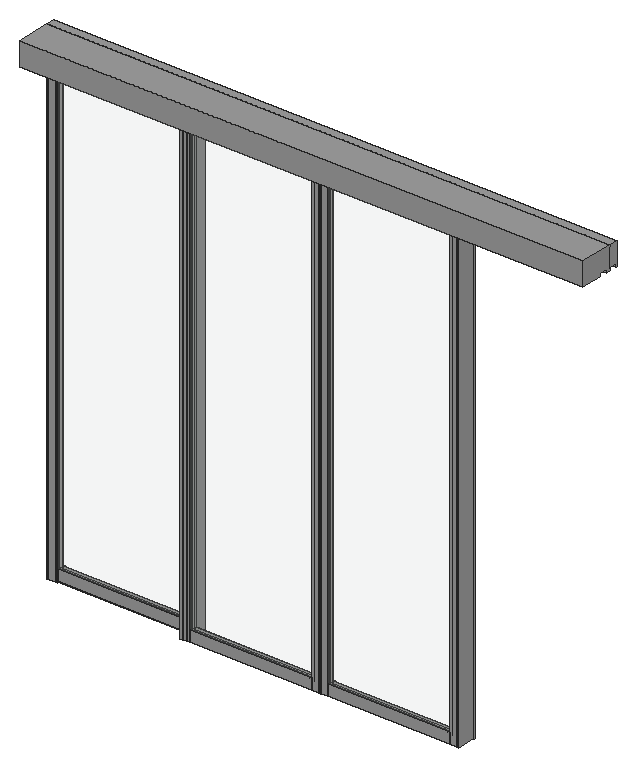
Revit family "agtatec_Record_SldngDrset_D-STA_CurtainWallPanel", category Curtain Panels, Revit 2015
Parameters (values of type "D-STA 108 mm drive unit height - side panel left")
  WithoutSidePanels = and(not(RightPanel), not(LeftPanel))  # no
  WithoutDriveCladding(OnlyApplicableForTypesWithoutSidePanels) = not(WithDriveCladding)  # no
  WithinStandardSizes = and(OpeningWidth > 799.9 mm, OpeningWidth < 3000.1 mm, ClearHeightOfPassage < 3000.1 mm, ClearHeightOfPassage > 1999.9 mm)  # yes
  WithSidePanels = and(RightPanel, LeftPanel)  # no
  WithDriveCladding = yes
  Weight = "Depends on configuration and size"
  WarrantyStartDate [instance] = "1900-12-31T23:59:59"
  WarrantyGuarantorParts = "Local door manufacturer"
  WarrantyGuarantorLabour = "Local door manufacturer"
  WarrantyDurationUnit = "Depends on country"
  WarrantyDurationParts = "Depends on country"
  WarrantyDurationLabour = "Depends on country"
  WarrantyDescription = "Depends on country"
  WallMountingProfile = yes
  Version = "Version 1.0"
  Uniclass2 = "Ss_25_30_20_77"
  URL = "www.agta-record.com"
  TotalWidth = if(WithSidePanels, SidePanelWidthLeft + SidePanelWidthRight + OpeningWidth, if(RightPanel, SidePanelWidthRight + OpeningWidth + 44 mm, if(LeftPanel, SidePanelWidthLeft + OpeningWidth + 44 mm, OpeningWidth + 88 mm)))  # 1944 mm
  TotalHeight = ClearHeightOfPassage + DriveUnitHeight  # 2295 mm
  SustainabilityPerformance = "n/a"
  SupportLength = SidePanelWidthLeft + SidePanelWidthRight + OpeningWidth + DriveUnitExtraWidthRight + DriveUnitExtraWidthLeft  # 2600 mm
  SidePanelWidthRight = OpeningWidth / 2 + 100 mm + ExtraRight  # 700 mm
  SidePanelWidthLeft = OpeningWidth / 2 + 100 mm + ExtraLeft  # 700 mm
  SidePanelMinimumStandard = InnerPanelWidth  # 632 mm
  ServiceLifeType = "n/a"
  SecurityRating = "None"
  RightPanel = no
  Revision = "n/a"
  ProductInformation = "www.agta-record.com"
  Process = "n/a"
  DriveUnitExtraWidthRight = 0 mm
  DriveUnitExtraWidthLeft = 0 mm
  Type Comments = "n/a"
  ThresholdStripping = "No additional required, part of the doorset"
  ThresholdRequired = yes
  ThermalTransmittance = 0
  TagNumber [instance] = "n/a"
  SmokeStop = no
  Size = "n/a"
  Shape = "Rectangular"
  ServiceLifeDuration = "10-15 years"
  SerialNumber [instance] = "n/a"
  SelfClosing = yes
  ReplacementCost = "Depends on the configuration and door type"
  ReferenceStandard = "EN16005, EN16361, DIN 18650, etc."
  Reference = "n/a"
  ProductionYear = "n/a"
  PassageWidthOptions = "n/a"
  PassageMountingProfile(OnlyApplicableForTypesWithTwoSidePanels) = not(WallMountingProfile)  # no
  PanelHeight = ClearHeightOfPassage + 13 mm  # 2200 mm
  PanelFrames = agtatec_Record_Sliding Door, Aluminium
  PanelFill = agtatec_Record_Sliding Door, Laminated Safety Glass (Clear)
  OuterPanelWidthRight = SidePanelMinimumStandard - 27 mm + ExtraRight + 55 mm  # 660 mm
  OuterPanelWidthLeft = SidePanelMinimumStandard - 27 mm + ExtraLeft + 55 mm  # 660 mm
  OpeningWidth = 1200 mm
  NominalWidth = TotalWidth  # 1944 mm
  NominalLength = 0 mm
  NominalHeight = TotalHeight  # 2295 mm
  Name = "SldngDrset_D-STA_CurtainWallPanel_Record"
  NBSTypeID = "n/a"
  NBSReference = "25-50-20/175"
  NBSOfficeMasterTag = "n/a"
  NBSNote = "n/a"
  NBSDescription = "Sliding Doorset"
  NBSCertification = "n/a"
  MountingProfileRight = no
  MountingProfileLeft = no
  MountingProfile = no
  ModelReference = "Depends on the configuration"
  ModelNumber = "n/a"
  ModelLabel = "n/a"
  Model = "record Standard Linear Slider"
  MethodOfMeasurement = "n/a"
  Material = "Aluminium"
  ManufacturerURL = "www.agta-record.com"
  ManufacturerName = "Record"
  Manufacturer = "info@recorduk.co.uk"
  LeftPanel = yes
  LeafColourOptions = "All RAL, customer specific"
  Keynote = "n/a"
  IssueDate = "n/a"
  IsExternal = yes
  InterlancingProfileHeight = PanelHeight - 5 mm  # 2195 mm
  InstallationDate [instance] = "1900-12-31T23:59:59"
  InnerPanelWidth = (OpeningWidth / 2) + 32 mm  # 632 mm
  Infiltration = "n/a"
  IfcExportType = "Door"
  IfcExportAs = "IfcDoorStyle"
  HasDrive = yes
  HandicapAccessible = yes
  Grade = "n/a"
  GlazingAreaFraction = "Depends on size. Can be calculated"
  GlassType = "Part of glazing spec"
  GlassThickness2 = "6 mm (default)"
  GlassThickness1 = "6 mm (default)"
  GlassLayers = 2
  FrameSeal = yes
  FrameProfile = "Aluminium"
  FrameMaterial = "Aluminium"
  FrameFinishOptions = "n/a"
  FloorGuide = agtatec_Record_Sliding Door, Stainless Steel
  FireRating = "None"
  FireExit = no
  Finish = "Powder coated, Anodized, customer specific"
  Features = "n/a"
  ExtraWidthTotal = ExtraRight + ExtraLeft  # 0 mm
  ExtraWidthRight = 0 mm
  ExtraWidthLeft = 0 mm
  ExtraRight = if(not(RightPanel), 0 mm, ExtraWidthRight)  # 0 mm
  ExtraLeft = if(not(LeftPanel), 0 mm, ExtraWidthLeft)  # 0 mm
  ExpectedLife = "n/a"
  ElectronicLock = yes
  DurationUnit = "year"
  DriveUnitHeight = 108 mm
  DriveUnit = agtatec_Record_Sliding Door, Sheet Metal (Painted Steel)
  DoorsetOperation = "Automatic"
  DoorsetFasteners = "Screws"
  DoorSeal = "yes"
  DoorOpening = 0 mm
  DoorNumber = "n/a"
  DoorIncluded = yes
  Documentation = "n/a"
  DocumentReference = "n/a"
  Description = "Automatic Sliding Door"
  Cost = 0
  Controller = "n/a"
  Construction Type = "Automatic Sliding Door"
  Constituents = "n/a"
  Configuration = "1 or 2"
  Colour = "Customer specific"
  CodePerformance = "n/a"
  ClearanceZones = no
  ClearHeightOfPassage = 2187 mm
  Category = "n/a"
  BreakoutFacility = "n/a"
  BarCode [instance] = "n/a"
  BIMObjectName = "agtatec_Record_SlidingDoorset_D-STA_CurtainWallPanel"
  Author = "agtatec"
  AssetType = "n/a"
  AssetIdentifier [instance] = "n/a"
  Assembly Code = "B2030110"
  AntiFingerTrapRequirement = yes
  AlternativeDoorsetGlazing = "Part of glazing spec"
  AcousticRating = "None"
  AccessoryOptions = "Contact manufacturer"
  AccessibilityPerformance = "n/a"
Types (13, lengths in mm): name | WithoutSidePanels | WithSidePanels | TotalWidth | TotalHeight | RightPanel | SerialNumber | NominalWidth | NominalHeight | LeftPanel | DriveUnitHeight
  (no name) | no | no | 1944 | 2295 | no | "n/a" | 1944 | 2295 | yes | 108
  D-STA 150 mm drive unit height - side panel left | no | no | 1944 | 2337 | no | "n/a" | 1944 | 2337 | yes | 150
  D-STA 150 mm drive unit height - side panel right | no | no | 1944 | 2337 | yes | "n/a" | 1944 | 2337 | no | 150
  D-STA 150 mm drive unit height - with two side panels | no | yes | 2600 | 2337 | yes | "n/a" | 2600 | 2337 | yes | 150
  D-STA 150 mm drive unit height - without side panels | yes | no | 1288 | 2337 | no | "n/a" | 1288 | 2337 | no | 150
  D-STA 200 mm drive unit height - side panel left | no | no | 1944 | 2387 | no | "n/a" | 1944 | 2387 | yes | 200
  D-STA 200 mm drive unit height - side panel right | no | no | 1944 | 2387 | yes | "n/a" | 1944 | 2387 | no | 200
  D-STA 200 mm drive unit height - with two side panels | no | yes | 2600 | 2387 | yes | "n/a" | 2600 | 2387 | yes | 200
  D-STA 200 mm drive unit height - without side panels | yes | no | 1288 | 2387 | no | "n/a" | 1288 | 2387 | no | 200
  D-STA 108 mm drive unit height - side panel left | no | no | 1944 | 2295 | no | "n/a" | 1944 | 2295 | yes | 108
  D-STA 108 mm drive unit height - side panel right | no | no | 1944 | 2295 | yes | "" | 1944 | 2295 | no | 108
  D-STA 108 mm drive unit height - with two side panels | no | yes | 2600 | 2295 | yes | "n/a" | 2600 | 2295 | yes | 108
  D-STA 108 mm drive unit height - without side panels | yes | no | 1288 | 2295 | no | "n/a" | 1288 | 2295 | no | 108
Reference planes
  plane 1 "Center (Front/Back)": y = 0
  plane 2: z = 0
  plane 3 "Center (Left/Right)": x = -50
  plane 4 "Left": x = -1280
  plane 5 "Right": x = 1180
  plane 6 "Top": z = 4000
Text (mm)
  text "Exterior" at (-2351.972, 1416.179, 0), in view "Ref. Level"
  text "Exterior" at (0, 2290.741, 4406.713), in view "Left"
  text "Exterior" at (0, 1328.187, 4120.349), in view "Right"
Dimensions and locks
  equal spacing: plane 4 "Left", plane 3 "Center (Left/Right)", plane 5 "Right"
  aligned and locked: nested 1 to plane 1 "Center (Front/Back)"
  aligned and locked: plane 3 "Center (Left/Right)" to nested 1
Nested families
  nested 1: "D-STA" at (-50, 0, 0) x (-1, 0, 0) z (0, 0, 1), type "D-STA 150 mm drive unit height - with two side panels"
    with WarrantyStartDate "Depends on country", TagNumber "n/a", SerialNumber "n/a", InstallationDate "n/a", BarCode "n/a", AssetIdentifier "n/a", WithSidePanels no, WallOpeningWidth 1900 mm, WallMountingRight no, TotalWidth 1944 mm, TotalHeight 2295 mm, RightPanel no, InterlancingProfileRight yes, DriveUnitHeight 108 mm, NominalHeight 2295 mm, ClearanceZoneRight 1300 mm
Definition of nested family "D-STA"
  Parameters
    WithoutSidePanels = and(not(RightPanel), not(LeftPanel))  # no
    WithoutDriveCladding(OnlyApplicableForTypesWithoutSidePanels) = not(WithDriveCladding)  # no
    WithinStandardSizes = and(OpeningWidth > 799.9 mm, OpeningWidth < 3000.1 mm, ClearHeightOfPassage < 3000.1 mm, ClearHeightOfPassage > 1999.9 mm)  # yes
    WithSidePanels = and(RightPanel, LeftPanel)  # yes
    WithDriveCladding = yes
    Weight = "Depends on configuration and size"
    WarrantyDurationUnit = "Depends on country"
    WallOpeningWidth = if(and(RightPanel, LeftPanel), OpeningWidth + SidePanelWidthRight + SidePanelWidthLeft, if(RightPanel, OpeningWidth + SidePanelWidthRight, if(LeftPanel, OpeningWidth + SidePanelWidthLeft, OpeningWidth)))  # 2600 mm
    WallMountingRight = and(WallMountingProfile, RightPanel)  # yes
    WallMountingProfile = yes
    WallMountingLeft = and(WallMountingProfile, LeftPanel)  # yes
    TotalWidth = if(WithSidePanels, SidePanelWidthLeft + SidePanelWidthRight + OpeningWidth, if(RightPanel, SidePanelWidthRight + OpeningWidth + 44 mm, if(LeftPanel, SidePanelWidthLeft + OpeningWidth + 44 mm, OpeningWidth + 109 mm)))  # 2600 mm
    TotalHeight = ClearHeightOfPassage + DriveUnitHeight  # 2337 mm
    Thickness = 0 mm
    SustainabilityPerformance = "n/a"
    SupportLength = SidePanelWidthLeft + SidePanelWidthRight + OpeningWidth + DriveUnitExtraWidthRight + DriveUnitExtraWidthLeft  # 2600 mm
    SidePanelWidthRight = OpeningWidth / 2 + 100 mm + ExtraRight  # 700 mm
    SidePanelWidthLeft = OpeningWidth / 2 + 100 mm + ExtraLeft  # 700 mm
    SidePanelMinimumStandard = InnerPanelWidth  # 632 mm
    ServiceLifeType = "n/a"
    SecurityRating = "None"
    RightPanel = yes
    Revision = "n/a"
    ProductInformation = "www.agta-record.com"
    Process = "n/a"
    PassageMountingRight = and([PassageMountingProfile(OnlyApplicableForTypesWithTwoSidePanels)], RightPanel)  # no
    PassageMountingProfile(OnlyApplicableForTypesWithTwoSidePanels) = not(WallMountingProfile)  # no
    PassageMountingLeft = and([PassageMountingProfile(OnlyApplicableForTypesWithTwoSidePanels)], LeftPanel)  # no
    PanelHeight = ClearHeightOfPassage + 13 mm  # 2200 mm
    PanelFrames = none
    PanelFill = none
    OuterPanelWidthRight = OpeningWidth / 2 + 73 mm + ExtraRight  # 673 mm
    OuterPanelWidthLeft = OpeningWidth / 2 + 73 mm + ExtraLeft  # 673 mm
    OpeningWidth = 1200 mm
    Name = "SldngDrset_D-STA_Standalone_Record"
    NBSTypeID = "n/a"
    NBSReference = "25-50-20/175"
    NBSOfficeMasterTag = "n/a"
    NBSNote = "n/a"
    NBSDescription = "Sliding Doorset"
    NBSCertification = "n/a"
    ModelNumber = "n/a"
    ModelLabel = "n/a"
    MethodOfMeasurement = "n/a"
    ManufacturerName = "Record"
    LeftPanel = yes
    InterlancingProfileRight = not(and(RightPanel, (WallOpeningWidth > OpeningWidth)))  # no
    InterlancingProfileLeft = not(and(LeftPanel, (WallOpeningWidth > OpeningWidth)))  # no
    InterlancingProfileHeight = PanelHeight - 5 mm  # 2195 mm
    InstallationDate [instance] = "n/a"
    InnerPanelWidth = (OpeningWidth / 2) + 32 mm  # 632 mm
    IfcExportType = "n/a"
    IfcExportAs = "n/a"
    Grade = "n/a"
    GlazingAreaFraction = "Depends on size. Can be calculated"
    FloorGuide = none
    FireRating = "None"
    Features = "n/a"
    ExtraWidthRight = 0 mm
    ExtraWidthLeft = 0 mm
    ExtraRight = if(not(RightPanel), 0 mm, ExtraWidthRight)  # 0 mm
    ExtraLeft = if(not(LeftPanel), 0 mm, ExtraWidthLeft)  # 0 mm
    ExpectedLife = "n/a"
    DurationUnit = "year"
    DriveUnitHeight = 150 mm
    DriveUnitExtraWidthRight = 0 mm
    DriveUnitExtraWidthLeft = 0 mm
    DriveUnitCenterDistance = (OpeningWidth / 2) + SidePanelWidthRight + DriveUnitExtraWidthRight  # 1300 mm
    DriveUnit = none
    DriveDepth2 = if([WithoutDriveCladding(OnlyApplicableForTypesWithoutSidePanels)], 0 mm, 37 mm)  # 37 mm
    DriveDepth = if([WithoutDriveCladding(OnlyApplicableForTypesWithoutSidePanels)], 157 mm, 194 mm)  # 194 mm
    DoorOpeningRestriction = if(DoorOpening > OpeningWidth, OpeningWidth, DoorOpening)  # 0 mm
    DoorOpening1 = DoorOpeningRestriction / 2  # 0 mm
    DoorOpening = 0 mm
    Width = TotalWidth  # 2600 mm
    WarrantyStartDate [instance] = "Depends on country"
    WarrantyGuarantorParts = "Local door manufacturer"
    WarrantyGuarantorLabour = "Local door manufacturer"
    WarrantyDurationParts = "Depends on country"
    WarrantyDurationLabour = "Depends on country"
    WarrantyDescription = "Depends on country"
    Version = "Version 1.0"
    Uniclass2 = "Ss_25_30_20_77"
    URL = "www.agta-record.com"
    Type Comments = ""
    ThresholdStripping = "No additional required, part of the doorset"
    ThresholdRequired = yes
    ThermalTransmittance = 0
    TagNumber [instance] = "n/a"
    SmokeStop = no
    Size = "n/a"
    Shape = "Rectangular"
    ServiceLifeDuration = "10-15 years"
    SerialNumber [instance] = "n/a"
    SelfClosing = yes
    Rough Width = TotalWidth + 6 mm  # 2606 mm
    Rough Height = TotalHeight + 6 mm  # 2343 mm
    ReplacementCost = "Depends on the configuration and door type"
    ReferenceStandard = "EN16005, EN16361, DIN 18650, etc."
    Reference = "n/a"
    ProductionYear = "n/a"
    PassageWidthOptions = "n/a"
    Operation = "Automatic"
    NominalWidth = SupportLength  # 2600 mm
    NominalLength = 0 mm
    NominalHeight = TotalHeight  # 2337 mm
    ModelReference = "Depends on the configuration"
    Model = "record Standard Linear Slider"
    Material = "Aluminium"
    ManufacturerURL = "www.agta-record.com"
    Manufacturer = "info@recorduk.co.uk"
    LeafColourOptions = "All RAL, customer specific"
    Keynote = ""
    IssueDate = ""
    IsExternal = yes
    Infiltration = "n/a"
    Height = TotalHeight  # 2337 mm
    HasDrive = yes
    HandicapAccessible = yes
    GlassType = "Part of glazing spec"
    GlassThickness2 = "6 mm (default)"
    GlassThickness1 = "6 mm (default)"
    GlassLayers = 2
    Function = 1
    FrameSeal = yes
    FrameProfile = "Aluminium"
    FrameMaterial = "Aluminium"
    FrameFinishOptions = "n/a"
    FireExit = no
    Finish = "Powder coated, Anodized, customer specific"
    ElectronicLock = yes
    DoorsetOperation = "Automatic"
    DoorsetFasteners = "Screws"
    DoorSeal = "yes"
    DoorNumber = "n/a"
    DoorIncluded = yes
    Documentation = "n/a"
    DocumentReference = "n/a"
    DistanceToWall = if([WithoutDriveCladding(OnlyApplicableForTypesWithoutSidePanels)], 20 mm, 57 mm)  # 57 mm
    Description = "Automatic Sliding Door"
    Cost = 0
    Controller = "n/a"
    Construction Type = "Automatic Sliding Door"
    Constituents = "n/a"
    Configuration = "1 or 2"
    Colour = "Customer specific"
    CodePerformance = "n/a"
    ClearanceZones = no
    ClearanceZoneRight = if(or(not(WallMountingProfile), not(RightPanel), DriveUnitExtraWidthRight > 0 mm), ((OpeningWidth / 2) + SidePanelWidthRight + DriveUnitExtraWidthRight), ((OpeningWidth / 2) + SidePanelWidthRight + DriveUnitExtraWidthRight + 16 mm))  # 1316 mm
    ClearanceZoneLeft = if(or(not(WallMountingProfile), not(LeftPanel), DriveUnitExtraWidthLeft > 0 mm), ((OpeningWidth / 2) + SidePanelWidthLeft + DriveUnitExtraWidthLeft), ((OpeningWidth / 2) + SidePanelWidthLeft + DriveUnitExtraWidthLeft + 16 mm))  # 1316 mm
    ClearHeightOfPassage = 2187 mm
    CladdingVoid = if(WithoutSidePanels, 8.85 mm, 40.85 mm)  # 40.85 mm
    CladdingProfile = not([WithoutDriveCladding(OnlyApplicableForTypesWithoutSidePanels)])  # yes
    CenterOfDoor = SupportLength / 2  # 1300 mm
    Category = "n/a"
    BreakoutFacility = "n/a"
    BarCode [instance] = "n/a"
    BIMObjectName = "agtatec_Record_SlidingDoorset_D-STA_Standalone"
    Author = "agtatec"
    AssetType = "n/a"
    AssetIdentifier [instance] = "n/a"
    Assembly Code = "B2030110"
    AntiFingerTrapRequirement = yes
    AlternativeDoorsetGlazing = "Part of glazing spec"
    AcousticRating = "None"
    AccessoryOptions = "Contact manufacturer"
    AccessibilityPerformance = "n/a"
  Reference planes
    plane 1 "Center (Front/Back)": y = 0
    plane 2: z = 0
    plane 3 "Ex Center (Left/Right)": x = 0
    plane 4: x = -1260
    plane 5: x = 1260
    plane 6: y = 5
    plane 7: y = 101
    plane 8: x = 0
    plane 9: x = 0
    plane 10: x = -1300
    plane 11: x = 1300
    plane 12: z = 2337
    plane 13: z = 2187
    plane 14: z = 2545.08
    plane 15: x = 600
    plane 16: x = 612
    plane 17 "Drive Unit Center Ref": x = -1300
    plane 18: z = 2357
    plane 19: y = 344
    plane 20 "Clearance Zone Right": x = 1300
    plane 21 "Reference": z = 270
    plane 22 "2D Lines": z = 100
    plane 23: x = -632
    plane 24: y = 57
    plane 25: x = 632
    plane 26: y = 45.85
    plane 27: x = -600
    plane 28: x = -612
    plane 29: y = 194
    plane 30 "Center (Left/Right)": x = 0
    plane 31 "ClearanceZoneLeft": x = 1316
    plane 32: x = -1316
  Forms (mm)
    Extrusion 1, solid, material <- "PanelFrames", visible <- "WallMountingRight"
      sketch origin (0, 0, 0) x (1, 0, 0) y (0, 1, 0)
        loop
          line (-1260, 3) -> (-1297, 3) -> (-1297, 38) -> (-1260, 38) -> (-1260, 40) -> (-1300, 40) -> (-1300, 4) -> (-1316, 4) -> (-1316, 0) -> (-1260, 0) -> (-1260, 3)
      from 0 to 2187
    Extrusion 2, solid, material <- "PanelFrames", visible <- "WallMountingLeft"
      sketch origin (0, 0, 0) x (-1, 0, 0) y (0, -1, 0)
        loop
          line (-1260, -3) -> (-1260, 0) -> (-1316, 0) -> (-1316, -4) -> (-1300, -4) -> (-1300, -40) -> (-1260, -40) -> (-1260, -38) -> (-1297, -38) -> (-1297, -3) -> (-1260, -3)
      from 0 to 2187
    Extrusion 3, solid, visible <- "ClearanceZones"
      sketch origin (0, 0, 0) x (0, 1, 0) y (0, 0, 1)
        loop
          line (344, 2357) -> (0, 2357) -> (0, 0) -> (344, 0) -> (344, 2357)
      from -1316 to 1316
    Extrusion 4, solid, material <- "PanelFrames", visible <- "PassageMountingRight"
      sketch origin (0, 0, 0) x (1, 0, 0) y (0, 1, 0)
        loop
          line (-1260, 40) -> (-1300, 40) -> (-1300, 0) -> (-1260, 0) -> (-1260, 3) -> (-1297, 3) -> (-1297, 38) -> (-1260, 38) -> (-1260, 40)
      from 0 to 2187
    Extrusion 5, solid, material <- "PanelFrames", visible <- "PassageMountingLeft"
      sketch origin (0, 0, 0) x (1, 0, 0) y (0, 1, 0)
        loop
          line (1260, 40) -> (1260, 38) -> (1297, 38) -> (1297, 3) -> (1260, 3) -> (1260, 0) -> (1300, 0) -> (1300, 40) -> (1260, 40)
      from 0 to 2187
    Extrusion 6, solid, material <- "DriveUnit"
      sketch origin (-1300, -4572, 3266.057) x (0, 0, 1) y (0, -1, 0)
        loop
          line (-929.057, -4609) -> (-1079.057, -4609) -> (-1079.057, -4626) -> (-1066.057, -4626) -> (-1066.057, -4668) -> (-1079.057, -4668) -> (-1079.057, -4766) -> (-929.057, -4766) -> (-929.057, -4609)
      from 0 to 2600 <- "SupportLength"
    Extrusion 7, solid, material <- "DriveUnit", visible <- "CladdingProfile"
      sketch origin (-1300, -4572, 3266.057) x (0, 0, 1) y (0, -1, 0)
        loop
          line (-929.057, -4572) -> (-1079.057, -4572) -> (-1079.057, -4609) -> (-929.057, -4609) -> (-929.057, -4572)
      from 0 to 2600 <- "SupportLength"
    Extrusion 8, void
      sketch origin (-1256.5, 45.85, 1200) x (1, 0, 0) y (0, 0, 1)
        loop
          line (-43.5, 1000) -> (-43.5, 987) -> (2556.5, 987) -> (2556.5, 1000) -> (-43.5, 1000)
      from 0 to 40.85 <- "CladdingVoid"
  Cuts and joins
    Extrusion 8 cuts Extrusion 1
    Extrusion 8 cuts Extrusion 2
    Extrusion 8 cuts Extrusion 4
    Extrusion 8 cuts Extrusion 7
  Lines and regions (mm)
    Masking region 1, visible <- "WallMountingLeft"
      outline origin (0, 0, 0) x (1, 0, 0) y (0, 1, 0)
        loop
          line (1260, 40) -> (1260, 38) -> (1297, 38) -> (1297, 3) -> (1260, 3) -> (1260, 0) -> (1316, 0) -> (1316, 4) -> (1300, 4) -> (1300, 40) -> (1260, 40)
    Masking region 2, visible <- "WallMountingRight"
      outline origin (0, 0, 0) x (1, 0, 0) y (0, 1, 0)
        loop
          line (-1260, 40) -> (-1300, 40) -> (-1300, 4) -> (-1316, 4) -> (-1316, 0) -> (-1260, 0) -> (-1260, 3) -> (-1297, 3) -> (-1297, 38) -> (-1260, 38) -> (-1260, 40)
    Masking region 3, visible <- "PassageMountingRight"
      outline origin (0, 0, 0) x (1, 0, 0) y (0, 1, 0)
        loop
          line (-1260, 40) -> (-1300, 40) -> (-1300, 0) -> (-1260, 0) -> (-1260, 3) -> (-1297, 3) -> (-1297, 38) -> (-1260, 38) -> (-1260, 40)
    Masking region 4, visible <- "PassageMountingLeft"
      outline origin (0, 0, 0) x (1, 0, 0) y (0, 1, 0)
        loop
          line (1260, 40) -> (1260, 38) -> (1297, 38) -> (1297, 3) -> (1260, 3) -> (1260, 0) -> (1300, 0) -> (1300, 40) -> (1260, 40)
    symbolic lines
      curve 1: line (175, -50, 0) -> (25, -50, 0)
      curve 2: line (175, -50, 0) -> (139.645, -14.645, 0)
      curve 3: line (175, -50, 0) -> (139.645, -85.355, 0)
      curve 4: line (-25, -50, 0) -> (-175, -50, 0)
      curve 5: line (-175, -50, 0) -> (-139.645, -14.645, 0)
      curve 6: line (-175, -50, 0) -> (-139.645, -85.355, 0)
  Dimensions and locks
    locked: plane 6 to plane 1 "Center (Front/Back)" at 5
    locked: plane 1 "Center (Front/Back)" to plane 7 at 101
    equal spacing: plane 8, plane 3 "Ex Center (Left/Right)", plane 9
    locked: plane 10 to plane 4 at 40
    locked: plane 5 to plane 11 at 40
    "DriveUnitHeight": plane 12 to plane 13
    locked: plane 14 to plane 13 at 358.08
    locked: plane 15 to plane 16 at 12
    "SidePanelWidthLeft": plane 15 to plane 11
    "ClearHeightOfPassage": plane 13 to plane 2
    "DriveUnitCenterDistance": plane 3 "Ex Center (Left/Right)" to plane 17 "Drive Unit Center Ref"
    locked: plane 18 to plane 12 at 20
    "SupportLength": plane 17 "Drive Unit Center Ref" to plane 20 "Clearance Zone Right"
    "DoorOpeningRestriction": plane 8 to plane 9
    "InnerPanelWidth": plane 23 to plane 8
    "InnerPanelWidth": plane 9 to plane 25
    "DistanceToWall": plane 24 to plane 1 "Center (Front/Back)"
    locked: plane 24 to nested 6 at 20
    plane 26 to plane 1 "Center (Front/Back)" = 45.85 mm
    locked: plane 28 to plane 27 at 12
    equal spacing: plane 27, plane 3 "Ex Center (Left/Right)", plane 15
    "SidePanelWidthRight": plane 10 to plane 27
    "OpeningWidth": plane 27 to plane 15
    "DriveDepth": plane 1 "Center (Front/Back)" to plane 29
    "DriveUnitHeight": plane 29 to plane 19
    locked: plane 24 to nested 5 at 20
    locked: Extrusion 6 sketch curve to plane 29 at 98
    "DriveDepth2": plane 1 "Center (Front/Back)" to Extrusion 6 sketch curve
    "SupportLength": Extrusion 8 sketch curve to plane 17 "Drive Unit Center Ref"
    "CenterOfDoor": plane 17 "Drive Unit Center Ref" to plane 30 "Center (Left/Right)"
    "ClearanceZoneLeft": plane 3 "Ex Center (Left/Right)" to plane 31 "ClearanceZoneLeft"
    "ClearanceZoneRight": plane 32 to plane 3 "Ex Center (Left/Right)"
    aligned and locked: level to plane 2
    aligned and locked: nested 1 to plane 6
    aligned and locked: plane 13 to Extrusion 2
    aligned and locked: plane 13 to Extrusion 1
    aligned and locked: plane 19 to Extrusion 3 sketch curve
    aligned and locked: Extrusion 3 sketch curve to plane 18
    aligned and locked: nested 4 to plane 23
    aligned and locked: plane 24 to nested 4
    aligned and locked: plane 23 to nested 3
    aligned and locked: nested 3 to plane 24
    aligned and locked: plane 28 to nested 6
    aligned and locked: plane 16 to nested 1
    aligned and locked: nested 5 to plane 15
    aligned and locked: plane 13 to Extrusion 4
    aligned and locked: plane 13 to Extrusion 5
    aligned and locked: plane 13 to Extrusion 6 sketch curve
    aligned and locked: Extrusion 6 sketch curve to plane 12
    aligned and locked: plane 29 to Extrusion 6 sketch curve
    aligned and locked: plane 25 to nested 2
    aligned and locked: plane 9 to nested 7
    aligned and locked: nested 7 to plane 24
    aligned and locked: plane 24 to nested 2
    aligned and locked: nested 8 to plane 28
    aligned and locked: Extrusion 7 sketch curve to plane 12
    aligned and locked: Extrusion 7 sketch curve to plane 1 "Center (Front/Back)"
    aligned and locked: plane 17 "Drive Unit Center Ref" to Extrusion 8 sketch curve
    aligned and locked: plane 13 to Extrusion 8 sketch curve
    aligned and locked: plane 31 "ClearanceZoneLeft" to Extrusion 3
    aligned and locked: Extrusion 3 to plane 32
  Automatic sketch dimensions
    Extrusion 3 sketch curve to level = 0 mm
    Extrusion 3 sketch curve to plane 1 "Center (Front/Back)" = 0 mm
    plane 1 "Center (Front/Back)" to curve 5 = 14.645 mm
    curve 5 to curve 6 = 0 mm
    curve 4 to curve 5 = 35.355 mm
    plane 1 "Center (Front/Back)" to curve 2 = 14.645 mm
    curve 3 to curve 2 = 0 mm
    plane 1 "Center (Front/Back)" to curve 2 = 50 mm
    curve 2 to curve 2 = 35.355 mm
    curve 6 to curve 5 = 35.355 mm
    curve 1 to curve 2 = 114.645 mm
    curve 6 to curve 4 = 114.645 mm
    plane 3 "Ex Center (Left/Right)" to curve 1 = 25 mm
    curve 4 to plane 3 "Ex Center (Left/Right)" = 25 mm
    plane 1 "Center (Front/Back)" to Extrusion 2 sketch curve = 0 mm
    plane 6 to Extrusion 2 sketch curve = 1 mm
    Extrusion 2 sketch curve to plane 11 = 16 mm
    plane 11 to Extrusion 2 sketch curve = 0 mm
    Extrusion 2 sketch curve to Extrusion 2 sketch curve = 3 mm
    plane 6 to Extrusion 2 sketch curve = 2 mm
    Extrusion 2 sketch curve to Extrusion 2 sketch curve = 2 mm
    plane 26 to Extrusion 2 sketch curve = 5.85 mm
    plane 1 "Center (Front/Back)" to Masking region 1 sketch curve = 0 mm
    Masking region 1 sketch curve to plane 11 = 0 mm
    Masking region 1 sketch curve to Masking region 1 sketch curve = 3 mm
    Masking region 1 sketch curve to plane 6 = 2 mm
    Masking region 1 sketch curve to plane 26 = 7.85 mm
    Masking region 1 sketch curve to plane 6 = 1 mm
    plane 11 to Masking region 1 sketch curve = 16 mm
    Masking region 1 sketch curve to Masking region 1 sketch curve = 2 mm
    plane 1 "Center (Front/Back)" to Masking region 2 sketch curve = 0 mm
    Masking region 2 sketch curve to plane 6 = 1 mm
    Masking region 2 sketch curve to Masking region 2 sketch curve = 3 mm
    Masking region 2 sketch curve to plane 26 = 7.85 mm
    Masking region 2 sketch curve to plane 6 = 2 mm
    Masking region 2 sketch curve to Masking region 2 sketch curve = 2 mm
    plane 10 to Masking region 2 sketch curve = 0 mm
    Masking region 2 sketch curve to plane 10 = 16 mm
    plane 4 to Masking region 2 sketch curve = 0 mm  (x2)
    plane 5 to Extrusion 2 sketch curve = 0 mm  (x2)
    Masking region 1 sketch curve to plane 5 = 0 mm  (x2)
    Extrusion 1 sketch curve to plane 10 = 0 mm
    plane 1 "Center (Front/Back)" to Extrusion 1 sketch curve = 0 mm
    Extrusion 1 sketch curve to plane 10 = 16 mm
    Extrusion 1 sketch curve to plane 4 = 0 mm  (x2)
    plane 10 to Extrusion 1 sketch curve = 3 mm
    Extrusion 1 sketch curve to plane 6 = 2 mm
    Extrusion 1 sketch curve to plane 6 = 1 mm
    Extrusion 1 sketch curve to plane 26 = 7.85 mm
    Extrusion 1 sketch curve to Extrusion 1 sketch curve = 2 mm
    Extrusion 4 sketch curve to plane 10 = 0 mm
    Extrusion 4 sketch curve to plane 4 = 0 mm  (x2)
    plane 1 "Center (Front/Back)" to Extrusion 4 sketch curve = 0 mm
    plane 10 to Extrusion 4 sketch curve = 3 mm
    Extrusion 4 sketch curve to plane 6 = 2 mm
    Extrusion 4 sketch curve to plane 26 = 7.85 mm
    Extrusion 4 sketch curve to Extrusion 4 sketch curve = 2 mm
    Extrusion 5 sketch curve to plane 5 = 0 mm  (x2)
    Extrusion 5 sketch curve to plane 11 = 0 mm
    plane 1 "Center (Front/Back)" to Extrusion 5 sketch curve = 0 mm
    Extrusion 5 sketch curve to plane 11 = 3 mm
    Extrusion 5 sketch curve to plane 6 = 2 mm
    Extrusion 5 sketch curve to plane 26 = 7.85 mm
    Extrusion 5 sketch curve to Extrusion 5 sketch curve = 2 mm
    Masking region 3 sketch curve to plane 10 = 0 mm
    Masking region 3 sketch curve to plane 4 = 0 mm  (x2)
    plane 1 "Center (Front/Back)" to Masking region 3 sketch curve = 0 mm
    plane 10 to Masking region 3 sketch curve = 3 mm
    Masking region 3 sketch curve to plane 6 = 2 mm
    Masking region 3 sketch curve to plane 26 = 7.85 mm
    Masking region 3 sketch curve to Masking region 3 sketch curve = 2 mm
    Masking region 4 sketch curve to plane 5 = 0 mm  (x2)
    Masking region 4 sketch curve to plane 11 = 0 mm
    plane 1 "Center (Front/Back)" to Masking region 4 sketch curve = 0 mm
    Masking region 4 sketch curve to plane 11 = 3 mm
    Masking region 4 sketch curve to plane 6 = 2 mm
    Masking region 4 sketch curve to plane 26 = 7.85 mm
    Masking region 4 sketch curve to Masking region 4 sketch curve = 2 mm
    Extrusion 7 sketch curve to plane 13 = 0 mm
    Extrusion 7 sketch curve to plane 26 = 8.85 mm
    Extrusion 6 sketch curve to plane 13 = 0 mm
    Extrusion 6 sketch curve to plane 24 = 3 mm
    plane 13 to Extrusion 6 sketch curve = 13 mm
    Extrusion 8 sketch curve to Extrusion 8 sketch curve = 13 mm
  Nested families
    nested 1: "Outer Panel" at (612, 5, 0), visible <- "LeftPanel", type "Left Panel"
    nested 2: "Interlacing profile - Inner" at (632, 57, 5) x (0, -1, 0) z (0, 0, 1), type "Left"
    nested 3: "Interlacing profile - Inner" at (-632, 57, 5) x (0, -1, 0) z (0, 0, 1), type "Right"
    nested 4: "Inner Panel" at (0, 57, 0) x (-1, 0, 0) z (0, 0, 1), type "Inner Panel"
    nested 5: "Interlacing profile - Outer" at (612, 37, 5) x (0, 1, 0) z (0, 0, 1), type "Left"
      with Side Panel yes, Interlacing profile 2 no, Interlacing profile 1 yes
    nested 6: "Interlacing profile - Outer" at (-612, 37, 5) x (0, 1, 0) z (0, 0, 1), type "Right"
      with Side Panel yes, Interlacing profile 2 no, Interlacing profile 1 yes
    nested 7: "Inner Panel" at (0, 57, 0), type "Inner Panel"
    nested 8: "Outer Panel" at (-612, 37, 0) x (-1, 0, 0) z (0, 0, 1), visible <- "RightPanel", type "Right Panel"
      with Right Panel yes, Left Panel no
  Definition of nested family "Outer Panel"
    Parameters
      Right Panel = no
      Panel Height = 2200 mm
      Panel Glass = none
      Panel Frames = none
      Outer Panel Width = 673 mm
      Left Panel = yes
    Reference planes
      plane 1 "Center (Front/Back)": y = 0
      plane 2: z = 0
      plane 3 "Center (Left/Right)": x = 0
      plane 4: x = 673
      plane 5: z = 2200
      plane 6: x = 641
      plane 7: x = 32
      plane 8: z = 2181
      plane 9 "Above": z = 42
      plane 10: x = 654.5
      plane 11: x = 18.5
      plane 12: y = 32
      plane 13: x = 10
    Forms (mm)
      Extrusion 1, solid, material <- "Panel Frames"
        sketch origin (0, 0, 0) x (1, 0, 0) y (0, 1, 0)
          loop
            line (0, 0) -> (32, 0) -> (32, 2.5) -> (16, 2.5) -> (16, 29.5) -> (32, 29.5) -> (32, 32) -> (0, 32) -> (0, 0)
        from 0 to 2200
      Extrusion 2, solid, material <- "Panel Frames"
        sketch origin (591.5, 0, 0) x (-1, 0, 0) y (0, -1, 0)
          loop
            line (-81.5, 0) -> (-81.5, -32) -> (-49.5, -32) -> (-49.5, -29.5) -> (-65.5, -29.5) -> (-65.5, -2.5) -> (-49.5, -2.5) -> (-49.5, 0) -> (-81.5, 0)
        from 0 to 2200
      Extrusion 3, solid, material <- "Panel Frames"
        sketch origin (75, 0, 0) x (0, 1, 0) y (0, 0, 1)
          loop
            line (0, 2200) -> (0, 2168) -> (2.5, 2168) -> (2.5, 2184) -> (29.5, 2184) -> (29.5, 2168) -> (32, 2168) -> (32, 2200) -> (0, 2200)
        from -43 to 566
      Extrusion 4, solid, material <- "Panel Glass"
        sketch origin (0, 0, 0) x (1, 0, 0) y (0, 1, 0)
          loop
            line (18.5, 28) -> (18.5, 4) -> (654.5, 4) -> (654.5, 28) -> (18.5, 28)
        from 42 to 2181
      Extrusion 5, solid, material <- "Panel Frames"
        sketch origin (20, 0, 0) x (0, 1, 0) y (0, 0, 1)
          loop
            line (0, 5) -> (3.25, 5) -> (3.25, 0) -> (28.75, 0) -> (28.75, 5) -> (32, 5) -> (32, 55) -> (29.5, 55) -> (29.5, 39) -> (2.5, 39) -> (2.5, 55) -> (0, 55) -> (0, 5)
        from 12 to 621
    Lines and regions (mm)
      Masking region 1
        outline origin (0, 0, 0) x (1, 0, 0) y (0, 1, 0)
          loop
            line (0, 32) -> (0, 0) -> (10, 0) -> (673, 0) -> (673, 32) -> (10, 32) -> (0, 32)
      symbolic lines, detail levels medium+fine
        curve 1: line (641, 32, 42) -> (641, 29.5, 42)
        curve 2: line (32, 32, 42) -> (32, 29.5, 42)
        curve 18: line (641, 2.5, 42) -> (641, 0, 42)
        curve 20: line (32, 2.5, 42) -> (32, 0, 42)
      symbolic lines, detail levels fine
        curve 3: line (32, 28, 42) -> (641, 28, 42)
        curve 4: line (32, 4, 42) -> (641, 4, 42)
        curve 5: line (641, 29.5, 42) -> (657, 29.5, 42)
        curve 6: line (657, 29.5, 42) -> (657, 2.5, 42)
        curve 7: line (657, 2.5, 42) -> (641, 2.5, 42)
        curve 8: line (641, 28, 42) -> (654.5, 28, 42)
        curve 9: line (654.5, 28, 42) -> (654.5, 4, 42)
        curve 10: line (654.5, 4, 42) -> (641, 4, 42)
        curve 11: line (32, 29.5, 42) -> (16, 29.5, 42)
        curve 12: line (16, 29.5, 42) -> (16, 2.5, 42)
        curve 13: line (16, 2.5, 42) -> (32, 2.5, 42)
        curve 14: line (32, 4, 42) -> (18.5, 4, 42)
        curve 15: line (18.5, 4, 42) -> (18.5, 28, 42)
        curve 16: line (18.5, 28, 42) -> (32, 28, 42)
      symbolic lines, detail levels medium
        curve 17: line (641, 29.5, 42) -> (641, 2.5, 42)
        curve 19: line (32, 29.5, 42) -> (32, 2.5, 42)
      symbolic lines, visible <- "Right Panel"
        curve 21: line (0, 32, 42) -> (10, 32, 42)
      symbolic lines, visible <- "Left Panel"
        curve 22: line (10, 0, 42) -> (0, 0, 42)
    Dimensions and locks
      "Panel Height": plane 5 to plane 2
      locked: plane 7 to plane 3 "Center (Left/Right)" at 32
      locked: plane 6 to plane 4 at 32
      locked: plane 5 to plane 8 at 19
      locked: plane 9 "Above" to level at 42
      locked: plane 4 to plane 10 at 18.5
      locked: plane 11 to plane 3 "Center (Left/Right)" at 18.5
      "Outer Panel Width": plane 4 to plane 3 "Center (Left/Right)"
      locked: plane 3 "Center (Left/Right)" to plane 13 at 10
      aligned and locked: plane 2 to level
      aligned and locked: plane 5 to Extrusion 2
      aligned and locked: plane 5 to Extrusion 1
      aligned and locked: Extrusion 3 to plane 7
      aligned and locked: Extrusion 3 to plane 6
      aligned and locked: plane 8 to Extrusion 4
      aligned and locked: Extrusion 4 to plane 9 "Above"
      aligned and locked: Extrusion 4 to plane 10
      aligned and locked: Extrusion 4 to plane 11
      aligned and locked: Extrusion 1 to level
      aligned and locked: Extrusion 2 to level
      aligned and locked: Extrusion 5 to plane 6
      aligned and locked: Extrusion 5 to plane 7
      aligned and locked: Masking region 1 sketch curve to plane 4
      aligned and locked: plane 13 to Masking region 1 sketch curve  (x2)
    Automatic sketch dimensions
      Extrusion 1 sketch curve to plane 3 "Center (Left/Right)" = 0 mm
      Extrusion 1 sketch curve to plane 7 = 0 mm  (x2)
      plane 1 "Center (Front/Back)" to Extrusion 1 sketch curve = 0 mm
      Extrusion 1 sketch curve to plane 11 = 2.5 mm
      Extrusion 1 sketch curve to Extrusion 1 sketch curve = 2.5 mm  (x2)
      Extrusion 1 sketch curve to Extrusion 1 sketch curve = 27 mm
      Extrusion 2 sketch curve to plane 4 = 0 mm
      Extrusion 2 sketch curve to plane 6 = 0 mm  (x2)
      plane 1 "Center (Front/Back)" to Extrusion 2 sketch curve = 0 mm
      plane 10 to Extrusion 2 sketch curve = 2.5 mm
      Extrusion 2 sketch curve to Extrusion 2 sketch curve = 2.5 mm  (x2)
      Extrusion 2 sketch curve to Extrusion 2 sketch curve = 27 mm
      Extrusion 3 sketch curve to plane 1 "Center (Front/Back)" = 0 mm
      Extrusion 3 sketch curve to plane 5 = 0 mm
      Extrusion 3 sketch curve to plane 1 "Center (Front/Back)" = 2.5 mm
      plane 8 to Extrusion 3 sketch curve = 3 mm
      Extrusion 3 sketch curve to Extrusion 3 sketch curve = 27 mm
      Extrusion 3 sketch curve to Extrusion 3 sketch curve = 2.5 mm
      Extrusion 3 sketch curve to plane 8 = 13 mm  (x2)
      Extrusion 4 sketch curve to plane 11 = 0 mm
      Extrusion 4 sketch curve to plane 10 = 0 mm
      Extrusion 4 sketch curve to plane 1 "Center (Front/Back)" = 4 mm
      Extrusion 4 sketch curve to Extrusion 4 sketch curve = 24 mm
      Extrusion 5 sketch curve to plane 1 "Center (Front/Back)" = 0 mm
      Extrusion 5 sketch curve to level = 0 mm
      Extrusion 5 sketch curve to plane 1 "Center (Front/Back)" = 3.25 mm
      Extrusion 5 sketch curve to plane 1 "Center (Front/Back)" = 2.5 mm
      level to Extrusion 5 sketch curve = 5 mm
      Extrusion 5 sketch curve to Extrusion 5 sketch curve = 25.5 mm
      plane 9 "Above" to Extrusion 5 sketch curve = 13 mm  (x2)
      Extrusion 5 sketch curve to Extrusion 5 sketch curve = 27 mm
      Extrusion 5 sketch curve to Extrusion 5 sketch curve = 2.5 mm
      Extrusion 5 sketch curve to Extrusion 5 sketch curve = 5 mm
      Extrusion 5 sketch curve to plane 9 "Above" = 3 mm
      plane 1 "Center (Front/Back)" to Masking region 1 sketch curve = 0 mm
      Masking region 1 sketch curve to plane 3 "Center (Left/Right)" = 0 mm
      Masking region 1 sketch curve to plane 12 = 0 mm
      curve 9 to plane 10 = 0 mm
      curve 5 to plane 6 = 0 mm
      curve 3 to plane 6 = 0 mm
      curve 11 to plane 7 = 0 mm
      curve 3 to plane 7 = 0 mm
      curve 15 to plane 11 = 0 mm
      curve 21 to plane 12 = 0 mm
      curve 21 to plane 13 = 0 mm
      plane 1 "Center (Front/Back)" to curve 22 = 0 mm
      curve 22 to plane 13 = 0 mm
      curve 22 to plane 3 "Center (Left/Right)" = 0 mm
      curve 21 to plane 3 "Center (Left/Right)" = 0 mm
      curve 2 to plane 12 = 0 mm
      curve 1 to plane 12 = 0 mm
      plane 1 "Center (Front/Back)" to curve 18 = 0 mm
      plane 1 "Center (Front/Back)" to curve 20 = 0 mm
      curve 5 to plane 10 = 2.5 mm
      curve 12 to plane 11 = 2.5 mm
      curve 2 to curve 2 = 2.5 mm
      curve 1 to plane 12 = 2.5 mm
      curve 1 to curve 8 = 1.5 mm
      curve 10 to plane 1 "Center (Front/Back)" = 4 mm
      curve 4 to plane 1 "Center (Front/Back)" = 4 mm
      curve 14 to curve 4 = 0 mm
      curve 4 to curve 7 = 1.5 mm
      curve 14 to curve 13 = 1.5 mm
  Definition of nested family "Interlacing profile - Inner"
    Parameters
      Wall Mounting Option 2 = no
      Side Panel = yes
      Panel Frames = none
      Interlancing Profile Height = 2195 mm
      Interlacing profile 5 = and(Wall Mounting Option 2, not(Side Panel))  # no
      Interlacing profile 4 = and(not(Wall Mounting Option 2), not(Side Panel))  # no
      Interlacing profile 1 = Side Panel  # yes
    Reference planes
      plane 1 "Center (Front/Back)": y = 0
      plane 2: z = 0
      plane 3 "Center (Left/Right)": x = 0
      plane 4: z = 2195
      plane 5 "Above": z = 40
      plane 6: y = -12
    Forms (mm)
      Extrusion 1, solid, material <- "Panel Frames", visible <- "Interlacing profile 1"
        sketch origin (0, 0, 0) x (1, 0, 0) y (0, 1, 0)
          loop
            line (0, 0) -> (-32, 0) -> (-32, -12) -> (17, -12) -> (17, 10) -> (0, 10) -> (0, 0)
        from 0 to 2195
      Extrusion 2, solid, material <- "Panel Frames", visible <- "Interlacing profile 4"
        sketch origin (0, 0, 0) x (1, 0, 0) y (0, 1, 0)
          loop
            line (0, 0) -> (-32, 0) -> (-32, -12) -> (49, -12) -> (49, -10) -> (12, -10) -> (12, 10) -> (0, 10) -> (0, 0)
        from 0 to 2195
      Extrusion 3, solid, material <- "Panel Frames", visible <- "Interlacing profile 5"
        sketch origin (0, 0, 0) x (1, 0, 0) y (0, 1, 0)
          loop
            line (0, 0) -> (-32, 0) -> (-32, -12) -> (12, -12) -> (12, 10) -> (0, 10) -> (0, 0)
        from 0 to 2195
    Lines and regions (mm)
      Masking region 1, visible <- "Interlacing profile 1"
        outline origin (0, 0, 0) x (1, 0, 0) y (0, 1, 0)
          loop
            line (0, 10) -> (0, 0) -> (-32, 0) -> (-32, -12) -> (17, -12) -> (17, 10) -> (0, 10)
      Masking region 2, visible <- "Interlacing profile 4"
        outline origin (0, 0, 0) x (1, 0, 0) y (0, 1, 0)
          loop
            line (0, 0) -> (-32, 0) -> (-32, -12) -> (49, -12) -> (49, -10) -> (12, -10) -> (12, 10) -> (0, 10) -> (0, 0)
      Masking region 3, visible <- "Interlacing profile 5"
        outline origin (0, 0, 0) x (1, 0, 0) y (0, 1, 0)
          loop
            line (12, -12) -> (12, 10) -> (0, 10) -> (0, 0) -> (-32, 0) -> (-32, -12) -> (12, -12)
      symbolic lines, detail levels medium+fine
        curve 1: line (0, 10, 40) -> (0, 0, 40)
        curve 2: line (0, 0, 40) -> (-32, 0, 40)
    Dimensions and locks
      "Interlancing Profile Height": plane 4 to level
      aligned and locked: plane 4 to Extrusion 1
      aligned and locked: Extrusion 1 to plane 6
      aligned and locked: plane 4 to Extrusion 2
      aligned and locked: plane 4 to Extrusion 3
    Automatic sketch dimensions
      plane 1 "Center (Front/Back)" to Extrusion 1 sketch curve = 0 mm
      Extrusion 1 sketch curve to plane 3 "Center (Left/Right)" = 0 mm
      plane 1 "Center (Front/Back)" to Extrusion 1 sketch curve = 12 mm
      Extrusion 1 sketch curve to plane 3 "Center (Left/Right)" = 32 mm
      plane 3 "Center (Left/Right)" to Extrusion 1 sketch curve = 17 mm
      Extrusion 1 sketch curve to plane 1 "Center (Front/Back)" = 10 mm
      plane 1 "Center (Front/Back)" to Masking region 1 sketch curve = 0 mm
      Masking region 1 sketch curve to plane 3 "Center (Left/Right)" = 0 mm
      plane 1 "Center (Front/Back)" to Masking region 1 sketch curve = 12 mm
      Masking region 1 sketch curve to plane 3 "Center (Left/Right)" = 32 mm
      Masking region 1 sketch curve to Masking region 1 sketch curve = 17 mm
      Masking region 1 sketch curve to Masking region 1 sketch curve = 10 mm
      plane 1 "Center (Front/Back)" to Extrusion 2 sketch curve = 0 mm
      Extrusion 2 sketch curve to plane 3 "Center (Left/Right)" = 0 mm
      plane 6 to Extrusion 2 sketch curve = 0 mm
      Extrusion 2 sketch curve to plane 3 "Center (Left/Right)" = 32 mm
      plane 3 "Center (Left/Right)" to Extrusion 2 sketch curve = 12 mm
      plane 6 to Extrusion 2 sketch curve = 2 mm
      Extrusion 2 sketch curve to Extrusion 2 sketch curve = 37 mm
      Extrusion 2 sketch curve to plane 1 "Center (Front/Back)" = 10 mm
      Extrusion 3 sketch curve to plane 6 = 0 mm
      plane 1 "Center (Front/Back)" to Extrusion 3 sketch curve = 0 mm
      Extrusion 3 sketch curve to plane 3 "Center (Left/Right)" = 0 mm
      Extrusion 3 sketch curve to plane 3 "Center (Left/Right)" = 32 mm
      Extrusion 3 sketch curve to Extrusion 3 sketch curve = 12 mm
      Extrusion 3 sketch curve to plane 1 "Center (Front/Back)" = 10 mm
      Masking region 2 sketch curve to plane 6 = 0 mm
      plane 1 "Center (Front/Back)" to Masking region 2 sketch curve = 0 mm
      Masking region 2 sketch curve to plane 3 "Center (Left/Right)" = 0 mm
      Masking region 2 sketch curve to plane 3 "Center (Left/Right)" = 32 mm
      plane 3 "Center (Left/Right)" to Masking region 2 sketch curve = 12 mm
      Masking region 2 sketch curve to Masking region 2 sketch curve = 37 mm
      plane 6 to Masking region 2 sketch curve = 2 mm
      Masking region 2 sketch curve to plane 1 "Center (Front/Back)" = 10 mm
      plane 1 "Center (Front/Back)" to Masking region 3 sketch curve = 0 mm
      Masking region 3 sketch curve to plane 6 = 0 mm
      Masking region 3 sketch curve to plane 3 "Center (Left/Right)" = 0 mm
      Masking region 3 sketch curve to plane 3 "Center (Left/Right)" = 32 mm
      plane 3 "Center (Left/Right)" to Masking region 3 sketch curve = 12 mm
      Masking region 3 sketch curve to plane 1 "Center (Front/Back)" = 10 mm
      plane 1 "Center (Front/Back)" to curve 1 = 0 mm
      curve 1 to plane 3 "Center (Left/Right)" = 0 mm
      curve 2 to plane 3 "Center (Left/Right)" = 32 mm
      curve 1 to plane 1 "Center (Front/Back)" = 10 mm
  Definition of nested family "Inner Panel"
    Parameters
      Panel Height = 2200 mm
      Panel Glass = none
      Panel Frames = none
      Inner Panel Width = 632 mm
    Reference planes
      plane 1 "Center (Front/Back)": y = 0
      plane 2: z = 0
      plane 3 "Center (Left/Right)": x = 0
      plane 4: x = 632
      plane 5: z = 2200
      plane 6: x = 600
      plane 7: x = 37
      plane 8: z = 2181
      plane 9 "Above": z = 42
      plane 10: x = 613.5
      plane 11: x = 23.5
      plane 12: z = 5
      plane 13: x = 622
      plane 14: x = 5
    Forms (mm)
      Extrusion 1, solid, material <- "Panel Frames"
        sketch origin (0, 0, 0) x (1, 0, 0) y (0, 1, 0)
          loop
            line (5, 0) -> (37, 0) -> (37, 2.5) -> (21, 2.5) -> (21, 29.5) -> (37, 29.5) -> (37, 32) -> (5, 32) -> (5, 0)
        from 5 to 2200
      Extrusion 2, solid, material <- "Panel Frames"
        sketch origin (591.5, 0, 0) x (-1, 0, 0) y (0, -1, 0)
          loop
            line (-40.5, 0) -> (-40.5, -32) -> (-8.5, -32) -> (-8.5, -29.5) -> (-24.5, -29.5) -> (-24.5, -2.5) -> (-8.5, -2.5) -> (-8.5, 0) -> (-40.5, 0)
        from 5 to 2200
      Extrusion 3, solid, material <- "Panel Frames"
        sketch origin (-55, 0, 0) x (0, 1, 0) y (0, 0, 1)
          loop
            line (0, 5) -> (14.65, 5) -> (14.65, 26) -> (17.35, 26) -> (17.35, 5) -> (32, 5) -> (32, 55) -> (29.5, 55) -> (29.5, 39) -> (2.5, 39) -> (2.5, 55) -> (0, 55) -> (0, 5)
        from 92 to 655
      Extrusion 4, solid, material <- "Panel Frames"
        sketch origin (75, 0, 0) x (0, 1, 0) y (0, 0, 1)
          loop
            line (0, 2200) -> (0, 2168) -> (2.5, 2168) -> (2.5, 2184) -> (29.5, 2184) -> (29.5, 2168) -> (32, 2168) -> (32, 2200) -> (0, 2200)
        from -38 to 525
      Extrusion 5, solid, material <- "Panel Glass"
        sketch origin (0, 0, 0) x (1, 0, 0) y (0, 1, 0)
          loop
            line (23.5, 28) -> (23.5, 4) -> (613.5, 4) -> (613.5, 28) -> (23.5, 28)
        from 42 to 2181
      Extrusion 6, solid, material <- "Panel Frames"
        sketch origin (0, 0, 0) x (1, 0, 0) y (0, 1, 0)
          loop
            line (0, 32) -> (0, 0) -> (5, 0) -> (5, 32) -> (0, 32)
        from 5 to 2200
    Lines and regions (mm)
      Masking region 1
        outline origin (0, 0, 0) x (1, 0, 0) y (0, 1, 0)
          loop
            line (632, 32) -> (0, 32) -> (0, 0) -> (622, 0) -> (632, 0) -> (632, 32)
      symbolic lines, detail levels fine
        curve 1: line (37, 28, 42) -> (600, 28, 42)
        curve 2: line (37, 4, 42) -> (600, 4, 42)
        curve 6: line (600, 29.5, 42) -> (616, 29.5, 42)
        curve 7: line (616, 29.5, 42) -> (616, 2.5, 42)
        curve 8: line (616, 2.5, 42) -> (600, 2.5, 42)
        curve 9: line (600, 4, 42) -> (613.5, 4, 42)
        curve 10: line (613.5, 4, 42) -> (613.5, 28, 42)
        curve 11: line (613.5, 28, 42) -> (600, 28, 42)
        curve 12: line (37, 29.5, 42) -> (21, 29.5, 42)
        curve 13: line (21, 29.5, 42) -> (21, 2.5, 42)
        curve 14: line (21, 2.5, 42) -> (37, 2.5, 42)
        curve 15: line (37, 4, 42) -> (23.5, 4, 42)
        curve 16: line (23.5, 4, 42) -> (23.5, 28, 42)
        curve 17: line (23.5, 28, 42) -> (37, 28, 42)
      symbolic lines, detail levels medium+fine
        curve 3: line (37, 32, 42) -> (37, 29.5, 42)
        curve 4: line (600, 0, 42) -> (600, 2.5, 42)
        curve 18: line (600, 29.5, 42) -> (600, 32, 42)
        curve 21: line (37, 2.5, 42) -> (37, 0, 42)
      symbolic lines
        curve 5: line (5, 32, 42) -> (5, 0, 42)
        curve 22: line (600, 0, 1084) -> (564.645, 0, 1119.355)
        curve 23: line (600, 0, 1084) -> (564.645, 0, 1048.645)
        curve 24: line (37, 0, 1084) -> (600, 0, 1084)
      symbolic lines, detail levels medium
        curve 19: line (600, 2.5, 42) -> (600, 29.5, 42)
        curve 20: line (37, 29.5, 42) -> (37, 2.5, 42)
    Dimensions and locks
      "Panel Height": plane 5 to plane 2
      "Inner Panel Width": plane 4 to plane 3 "Center (Left/Right)"
      locked: plane 7 to plane 3 "Center (Left/Right)" at 37
      locked: plane 6 to plane 4 at 32
      locked: plane 5 to plane 8 at 19
      locked: plane 9 "Above" to level at 42
      locked: plane 4 to plane 10 at 18.5
      locked: plane 11 to plane 3 "Center (Left/Right)" at 23.5
      locked: plane 13 to plane 4 at 10
      locked: plane 14 to plane 3 "Center (Left/Right)" at 5
      equal spacing: Extrusion 4, curve 24, level
      aligned and locked: plane 2 to level
      aligned and locked: plane 5 to Extrusion 2
      aligned and locked: plane 5 to Extrusion 1
      aligned and locked: Extrusion 1 to Extrusion 2
      aligned and locked: Extrusion 4 to plane 7
      aligned and locked: Extrusion 4 to plane 6
      aligned and locked: Extrusion 3 to plane 7
      aligned and locked: Extrusion 3 to plane 6
      aligned and locked: plane 8 to Extrusion 5
      aligned and locked: Extrusion 5 to plane 9 "Above"
      aligned and locked: Extrusion 5 to plane 10
      aligned and locked: Extrusion 5 to plane 11
      aligned and locked: Extrusion 1 to Extrusion 3
      aligned and locked: Extrusion 3 to Extrusion 2
      aligned and locked: Masking region 1 sketch curve to plane 4
      aligned and locked: Masking region 1 sketch curve to plane 3 "Center (Left/Right)"
      aligned and locked: curve 4 to plane 6
      aligned and locked: curve 3 to plane 7
      aligned and locked: Masking region 1 to Extrusion 1
      aligned and locked: plane 7 to Extrusion 1  (x2)
      aligned and locked: plane 6 to Extrusion 2  (x2)
      aligned and locked: curve 1 to Extrusion 5
      aligned and locked: Extrusion 5 to curve 2
      aligned and locked: Extrusion 1 sketch curve to plane 14
      aligned and locked: Extrusion 1 to plane 14
      aligned and locked: Extrusion 6 sketch curve to plane 14
      aligned and locked: plane 3 "Center (Left/Right)" to Extrusion 6 sketch curve
      aligned and locked: plane 5 to Extrusion 6
    Automatic sketch dimensions
      Extrusion 1 sketch curve to plane 7 = 0 mm  (x2)
      plane 1 "Center (Front/Back)" to Extrusion 1 sketch curve = 0 mm
      Extrusion 1 sketch curve to plane 11 = 2.5 mm
      Extrusion 1 sketch curve to plane 1 "Center (Front/Back)" = 2.5 mm
      Extrusion 1 sketch curve to Extrusion 1 sketch curve = 27 mm
      Extrusion 1 sketch curve to Extrusion 1 sketch curve = 2.5 mm
      Extrusion 2 sketch curve to plane 4 = 0 mm
      Extrusion 2 sketch curve to plane 6 = 0 mm  (x2)
      plane 1 "Center (Front/Back)" to Extrusion 2 sketch curve = 0 mm
      plane 10 to Extrusion 2 sketch curve = 2.5 mm
      Extrusion 2 sketch curve to Extrusion 2 sketch curve = 2.5 mm  (x2)
      Extrusion 2 sketch curve to Extrusion 2 sketch curve = 27 mm
      Extrusion 3 sketch curve to plane 1 "Center (Front/Back)" = 0 mm
      Extrusion 3 sketch curve to plane 12 = 0 mm  (x2)
      Extrusion 3 sketch curve to plane 1 "Center (Front/Back)" = 2.5 mm
      Extrusion 3 sketch curve to Extrusion 3 sketch curve = 14.65 mm
      Extrusion 3 sketch curve to Extrusion 3 sketch curve = 2.7 mm
      plane 9 "Above" to Extrusion 3 sketch curve = 13 mm  (x2)
      Extrusion 3 sketch curve to Extrusion 3 sketch curve = 27 mm
      Extrusion 3 sketch curve to Extrusion 3 sketch curve = 2.5 mm
      Extrusion 3 sketch curve to Extrusion 3 sketch curve = 21 mm
      Extrusion 3 sketch curve to plane 9 "Above" = 3 mm
      Extrusion 4 sketch curve to plane 1 "Center (Front/Back)" = 0 mm
      Extrusion 4 sketch curve to plane 5 = 0 mm
      Extrusion 4 sketch curve to plane 1 "Center (Front/Back)" = 2.5 mm
      plane 8 to Extrusion 4 sketch curve = 3 mm
      Extrusion 4 sketch curve to Extrusion 4 sketch curve = 27 mm
      Extrusion 4 sketch curve to Extrusion 4 sketch curve = 32 mm
      Extrusion 4 sketch curve to plane 8 = 13 mm  (x2)
      Extrusion 5 sketch curve to plane 11 = 0 mm
      Extrusion 5 sketch curve to plane 10 = 0 mm
      Extrusion 5 sketch curve to plane 1 "Center (Front/Back)" = 4 mm
      Extrusion 5 sketch curve to Extrusion 5 sketch curve = 24 mm
      plane 1 "Center (Front/Back)" to Masking region 1 sketch curve = 0 mm
      Masking region 1 sketch curve to plane 13 = 0 mm
      Masking region 1 sketch curve to plane 1 "Center (Front/Back)" = 32 mm
      curve 9 to plane 10 = 0 mm
      curve 17 to plane 11 = 0 mm
      curve 5 to plane 14 = 0 mm
      plane 1 "Center (Front/Back)" to curve 5 = 0 mm
      plane 1 "Center (Front/Back)" to curve 21 = 0 mm
      plane 1 "Center (Front/Back)" to curve 4 = 0 mm
      curve 6 to plane 10 = 2.5 mm
      curve 13 to plane 11 = 2.5 mm
      curve 16 to curve 1 = 0 mm
      curve 12 to curve 16 = 1.5 mm
      curve 6 to curve 1 = 1.5 mm
      curve 5 to curve 12 = 2.5 mm
      curve 3 to curve 3 = 2.5 mm
      curve 18 to curve 6 = 2.5 mm
      curve 11 to curve 1 = 0 mm
      curve 10 to plane 1 "Center (Front/Back)" = 4 mm
      curve 16 to plane 1 "Center (Front/Back)" = 4 mm
      curve 14 to plane 1 "Center (Front/Back)" = 2.5 mm
      curve 8 to plane 1 "Center (Front/Back)" = 2.5 mm
      plane 1 "Center (Front/Back)" to Extrusion 6 sketch curve = 0 mm
      Extrusion 6 sketch curve to plane 1 "Center (Front/Back)" = 32 mm
      plane 6 to curve 23 = 35.355 mm
      curve 23 to curve 24 = 35.355 mm
      curve 24 to curve 22 = 35.355 mm
      curve 24 to plane 7 = 0 mm
      plane 6 to curve 24 = 0 mm
  Definition of nested family "Interlacing profile - Outer"
    Parameters
      Wall Mounting Option 2 = no
      Side Panel = no
      Panel Frames = none
      Interlancing Profile Height = 2195 mm
      Interlacing profile 3 = and(Wall Mounting Option 2, not(Side Panel))  # no
      Interlacing profile 2 = and(not(Wall Mounting Option 2), not(Side Panel))  # yes
      Interlacing profile 1 = Side Panel  # no
    Reference planes
      plane 1 "Center (Front/Back)": y = 0
      plane 2: z = 0
      plane 3 "Center (Left/Right)": x = 0
      plane 4: z = 2195
      plane 5 "Above": z = 40
      plane 6: y = -12
    Forms (mm)
      Extrusion 1, solid, material <- "Panel Frames", visible <- "Interlacing profile 1"
        sketch origin (0, 0, 0) x (1, 0, 0) y (0, 1, 0)
          loop
            line (0, 0) -> (-32, 0) -> (-32, -12) -> (17, -12) -> (17, 10) -> (0, 10) -> (0, 0)
        from 0 to 2195
      Extrusion 2, solid, material <- "Panel Frames", visible <- "Interlacing profile 2"
        sketch origin (0, 0, 0) x (1, 0, 0) y (0, 1, 0)
          loop
            line (4.45, 10) -> (4.45, 7.5) -> (-33.5, 7.5) -> (-33.5, 32) -> (-37, 32) -> (-37, -12) -> (17, -12) -> (17, 10) -> (4.45, 10)
        from 0 to 2195
      Extrusion 3, solid, material <- "Panel Frames", visible <- "Interlacing profile 3"
        sketch origin (0, 0, 0) x (1, 0, 0) y (0, 1, 0)
          loop
            line (17, 10) -> (1.7, 10) -> (1.7, 32) -> (0, 32) -> (0, -12) -> (17, -12) -> (17, 10)
        from 0 to 2195
    Lines and regions (mm)
      Masking region 1, visible <- "Interlacing profile 1"
        outline origin (0, 0, 0) x (1, 0, 0) y (0, 1, 0)
          loop
            line (0, 10) -> (0, 0) -> (-32, 0) -> (-32, -12) -> (17, -12) -> (17, 10) -> (0, 10)
      Masking region 2, visible <- "Interlacing profile 2"
        outline origin (0, 0, 0) x (1, 0, 0) y (0, 1, 0)
          loop
            line (17, -12) -> (17, 10) -> (4.45, 10) -> (4.45, 7.5) -> (-33.5, 7.5) -> (-33.5, 32) -> (-37, 32) -> (-37, -12) -> (17, -12)
      Masking region 3, visible <- "Interlacing profile 3"
        outline origin (0, 0, 0) x (1, 0, 0) y (0, 1, 0)
          loop
            line (17, 10) -> (1.7, 10) -> (1.7, 32) -> (0, 32) -> (0, -12) -> (17, -12) -> (17, 10)
      symbolic lines, visible <- "Interlacing profile 1", detail levels medium+fine
        curve 1: line (0, 10, 40) -> (0, 0, 40)
        curve 2: line (0, 0, 40) -> (-32, 0, 40)
    Dimensions and locks
      "Interlancing Profile Height": plane 4 to level
      aligned and locked: plane 4 to Extrusion 1
      aligned and locked: plane 4 to Extrusion 2
      aligned and locked: plane 4 to Extrusion 3
      aligned and locked: Extrusion 1 to plane 6
    Automatic sketch dimensions
      plane 1 "Center (Front/Back)" to curve 1 = 0 mm
      curve 1 to plane 3 "Center (Left/Right)" = 0 mm
      curve 2 to plane 3 "Center (Left/Right)" = 32 mm
      curve 1 to plane 1 "Center (Front/Back)" = 10 mm
      Extrusion 1 sketch curve to plane 6 = 0 mm
      plane 1 "Center (Front/Back)" to Extrusion 1 sketch curve = 0 mm
      Extrusion 1 sketch curve to plane 3 "Center (Left/Right)" = 0 mm
      Extrusion 1 sketch curve to plane 3 "Center (Left/Right)" = 32 mm
      plane 3 "Center (Left/Right)" to Extrusion 1 sketch curve = 17 mm
      Extrusion 1 sketch curve to plane 1 "Center (Front/Back)" = 10 mm
      Masking region 1 sketch curve to plane 6 = 0 mm
      plane 1 "Center (Front/Back)" to Masking region 1 sketch curve = 0 mm
      Masking region 1 sketch curve to plane 3 "Center (Left/Right)" = 0 mm
      Masking region 1 sketch curve to plane 3 "Center (Left/Right)" = 32 mm
      plane 3 "Center (Left/Right)" to Masking region 1 sketch curve = 17 mm
      Masking region 1 sketch curve to Masking region 1 sketch curve = 10 mm
      Extrusion 3 sketch curve to plane 3 "Center (Left/Right)" = 0 mm
      Extrusion 3 sketch curve to plane 6 = 0 mm
      plane 3 "Center (Left/Right)" to Extrusion 3 sketch curve = 1.7 mm
      plane 3 "Center (Left/Right)" to Extrusion 3 sketch curve = 17 mm
      Extrusion 3 sketch curve to plane 1 "Center (Front/Back)" = 10 mm
      Extrusion 3 sketch curve to Extrusion 3 sketch curve = 22 mm
      Masking region 3 sketch curve to plane 3 "Center (Left/Right)" = 0 mm
      Masking region 3 sketch curve to plane 6 = 0 mm
      plane 3 "Center (Left/Right)" to Masking region 3 sketch curve = 1.7 mm
      Masking region 3 sketch curve to Masking region 3 sketch curve = 15.3 mm
      Masking region 3 sketch curve to plane 1 "Center (Front/Back)" = 10 mm
      Masking region 3 sketch curve to Masking region 3 sketch curve = 22 mm
      Masking region 2 sketch curve to plane 6 = 0 mm
      Masking region 2 sketch curve to Masking region 2 sketch curve = 3.5 mm
      Masking region 2 sketch curve to Masking region 2 sketch curve = 37.95 mm
      plane 3 "Center (Left/Right)" to Masking region 2 sketch curve = 4.45 mm
      Masking region 2 sketch curve to Masking region 2 sketch curve = 12.55 mm
      Masking region 2 sketch curve to plane 1 "Center (Front/Back)" = 7.5 mm
      Masking region 2 sketch curve to Masking region 2 sketch curve = 2.5 mm
      Masking region 2 sketch curve to Masking region 2 sketch curve = 22 mm
      Extrusion 2 sketch curve to plane 6 = 0 mm
      Extrusion 2 sketch curve to plane 3 "Center (Left/Right)" = 37 mm
      Extrusion 2 sketch curve to plane 1 "Center (Front/Back)" = 7.5 mm
      Extrusion 2 sketch curve to Extrusion 2 sketch curve = 3.5 mm
      plane 3 "Center (Left/Right)" to Extrusion 2 sketch curve = 4.45 mm
      Extrusion 2 sketch curve to Extrusion 2 sketch curve = 12.55 mm
      Extrusion 2 sketch curve to Extrusion 2 sketch curve = 22 mm
      Extrusion 2 sketch curve to plane 1 "Center (Front/Back)" = 10 mm
